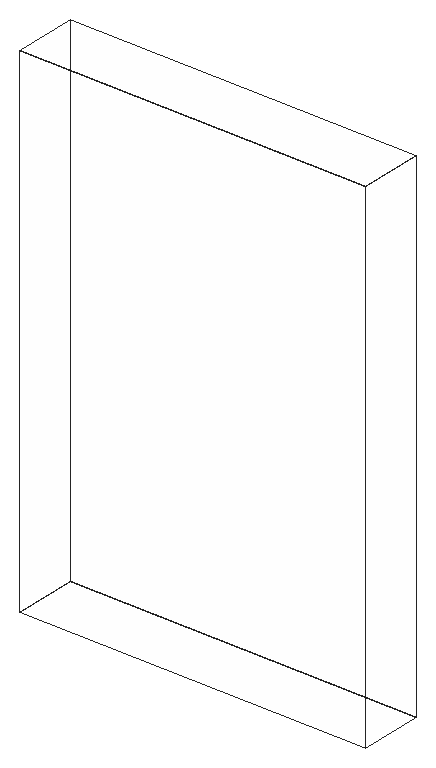
Revit family "199_Отверстие прямоугольное_(Об_Стена)", category Оборудование, Revit 2020
Family settings
  Основа = Стена
  Размер круглого соединителя = Использовать диаметр
  Тип детали = Нормальный
  Номер OmniClass = 23.30.20.00
  Заголовок OmniClass = Windows
  Всегда вертикально = Да
  При загрузке вырезать с полостями = Нет
  Общий = Нет
  Точка расчета площади = Да
Parameters (values of type "ОВ общее")
  системный_люк_привязка [instance] = if(or(Заполнение_Панель_Съемная, Наличник_Видимость), 0 mm, Заполнение_Толщина)  # 0 mm
  системный_заполнение_панель_положение2 [instance] = and(КП_А_Заполнение, Заполнение_Сторона размещения, Заполнение_Панель_Съемная)  # no
  системный_заполнение_панель_положение1 [instance] = and(КП_А_Заполнение, not(Заполнение_Сторона размещения), Заполнение_Панель_Съемная)  # no
  системный_заполнение_люк/решетка_положение2 [instance] = and(КП_А_Заполнение, Заполнение_Сторона размещения, [системный_заполнение_люк/решетка])  # no
  системный_заполнение_люк/решетка_положение1 [instance] = and(КП_А_Заполнение, not(Заполнение_Сторона размещения), [системный_заполнение_люк/решетка])  # no
  Ширина [instance] = 1000 mm
  Цветовое отображение = yes
  Цвет_Разрез = Заливка Цветная Прямоугольное Отверстие_Разрез : ОВ общее
  Цвет_План = Заливка Цветная Отверстие_План : ОВ общее
  Стена_Наружная_Толщина [instance] = 0 mm
  Стена_Внутренняя_Толщина [instance] = 0 mm
  Толщина [instance] = системный_основа_ширина + Стена_Наружная_Толщина + Стена_Внутренняя_Толщина  # 200 mm
  Створка 1_Ширина (для двустворчатого лючка) [instance] = 600 mm
  Панель съемная_Смещение вглубь = 10 mm  # constant formula
  Панель съемная_Зазоры = 10 mm  # constant formula
  Опорный уголок_Положение (вверх/вниз) [instance] = no
  Default Elevation = 0 mm
  Description = ""
  Наличник_Ширина [instance] = 50 mm
  Наличник_Видимость [instance] = yes
  КП_О_Версия семейства = "1.2"  # constant formula
  КП_О_Версия Revit = "2020"  # constant formula
  Заполнение_Панель_Тип [instance] = 175_ОбщВл_Панель съемная_(Дв) : 175_ОбщВл_Панель съемная_(Дв)
  Заполнение_Люк/Решетка_Тип [instance] = 175_ОбщВл_Лючок_(Дв) : Двупольный
  КП_О_Описание = ""
  КП_О_Марка = ""
  КП_О_URL техническое описание [instance] = "http://moodle/mod/book/view.php?id=503&chapterid=759"
  КП_А_Марка проема = ""
  КП_А_Заполнение_Тип [instance] = if(Заполнение_Панель_Съемная, Заполнение_Панель_Тип, [Заполнение_Люк/Решетка_Тип])  # 175_ОбщВл_Лючок_(Дв) : Двупольный
  КП_А_Заполнение [instance] = no
  Заполнение_Толщина [instance] = 20 mm
  Заполнение_Сторона размещения [instance] = no
  Комментарии к типоразмеру = "ОВ"
  Ключевая пометка = "Для плагина «Менеджер отверстий»"  # constant formula
  КП_Р_Ширина [instance] = Ширина + Расширение границ * 2  # 1100 mm
  КП_Р_Высота [instance] = Высота + Расширение границ * 2  # 1600 mm
  КП_А_Перемычка_Тип [instance] = 155_Перемычка_(ОбМод_Стена) : Линия
  КП_А_Перемычка_Опорный уголок_2 [instance] = no
  КП_А_Перемычка_Опорный уголок_1 [instance] = no
  КП_А_Перемычка_Заплечико_2 [instance] = 0 mm
  КП_А_Перемычка_Заплечико_1 [instance] = 0 mm
  КП_А_Перемычка [instance] = no
  КП_А_Марка перемычки [instance] = ""
  Manufacturer = ""
  Заполнение_Панель_Съемная [instance] = no
  системный_заполнение_люк/решетка [instance] = not(Заполнение_Панель_Съемная)  # yes
  Wall Closure = 1
  Группа модели = "Отверстие"  # constant formula
  Высота [instance] = 1500 mm
  системный_перемычка_offset_up [instance] = if(SYS_OFFSET_UP > 0 mm, SYS_OFFSET_UP - Расширение границ, 0 mm)  # 50 mm
  системный_перемычка_offset_down [instance] = Высота + Расширение границ + SYS_OFFSET_DOWN  # 1710 mm
  системный_основа_ширина [instance] = 200 mm
  SYS_OFFSET_UP [instance] = 100 mm
  SYS_OFFSET_DOWN [instance] = 160 mm
  Расширение границ [instance] = 50 mm
  00_Отметка_Относительная [instance] = ""
  00_Отметка_Абсолютная [instance] = ""
  00_Основа_Элемента [instance] = ""
Reference planes
  plane 1 "Центр (Вперед/Назад)": y = 0
  plane 2 "По центру (Влево/Вправо)": x = 0
  plane 3 "Влево": x = -500
  plane 4 "Вправо": x = 500
  plane 5 "Вниз": z = 700
  plane 6 "Вверх": z = 2200
  plane 7 "Назад": y = 100
  plane 8 "Вперед": y = -100
  plane 9 "Центр": z = 1450
  plane 10: z = 2300
  plane 11: z = 540
  plane 12: z = 650
  plane 13: z = 2250
  plane 14: x = -550
  plane 15: x = 550
  plane 16: y = 100
  plane 17: y = -100
  plane 18 "НА": y = 100
  plane 19 "ВН": y = -100
  plane 20 "Люк_НА": y = 100
  plane 21 "Люк_ВН": y = -100
  plane 22: y = -90
  plane 23: y = -70
  plane 24: x = -540
  plane 25: x = 540
  plane 26: y = 90
  plane 27: y = 70
Lines and regions (mm)
  Opening 1
    outline origin (3500, -100, 0) x (1, 0, 0) y (0, 0, 1)
      loop
        line (-2950, 650) -> (-2950, 2250) -> (-4050, 2250) -> (-4050, 650) -> (-2950, 650)
  model lines, style "InvisibleLines"
    curve 1: line (0, 0, 2300) -> (0, 0, 540)
  model lines, style "Отверстие_Контур", detail levels fine
    curve 2: line (550, -100, 2250) -> (-550, -100, 2250)
    curve 3: line (550, -100, 650) -> (550, -100, 2250)
    curve 4: line (-550, -100, 650) -> (550, -100, 650)
    curve 5: line (-550, -100, 2250) -> (-550, -100, 650)
    curve 6: line (550, 100, 2250) -> (-550, 100, 2250)
    curve 7: line (550, 100, 650) -> (550, 100, 2250)
    curve 8: line (-550, 100, 650) -> (550, 100, 650)
    curve 9: line (-550, 100, 2250) -> (-550, 100, 650)
Text (mm)
  text "НАРУЖНЫЙ" at (-1963.203, 1332.353, 0), in view "Опорный уровень"
  text "ВНУТРЕННИЙ" at (-1981.466, -818.386, 0), in view "Опорный уровень"
  text "Наружный" at (0, 923.751, 2943.296), in view "Справа"
  text "Наружный" at (0, 1040.484, 2685.409), in view "Слева"
Dimensions and locks
  equal spacing: plane 3 "Влево", plane 2 "По центру (Влево/Вправо)", plane 4 "Вправо"
  "Ширина": plane 3 "Влево" to plane 4 "Вправо"
  "Высота": plane 5 "Вниз" to plane 6 "Вверх"
  plane 5 "Вниз" to level = 700 mm
  locked: plane 7 "Назад" to host wall
  locked: plane 8 "Вперед" to host wall
  equal spacing: plane 5 "Вниз", plane 9 "Центр", plane 6 "Вверх"
  "SYS_OFFSET_DOWN": plane 11 to plane 5 "Вниз"
  "SYS_OFFSET_UP": plane 6 "Вверх" to plane 10
  "Расширение границ": plane 4 "Вправо" to plane 15
  "Расширение границ": plane 14 to plane 3 "Влево"
  "Расширение границ": plane 6 "Вверх" to plane 13
  "Расширение границ": plane 12 to plane 5 "Вниз"
  "Стена_Внутренняя_Толщина": plane 17 to plane 8 "Вперед"
  "Стена_Наружная_Толщина": plane 7 "Назад" to plane 16
  "системный_основа_ширина": host wall to host wall
  "Стена_Наружная_Толщина": plane 7 "Назад" to plane 18 "НА"
  "Стена_Внутренняя_Толщина": plane 19 "ВН" to plane 8 "Вперед"
  "системный_люк_привязка": plane 18 "НА" to plane 20 "Люк_НА"
  "системный_люк_привязка": plane 21 "Люк_ВН" to plane 19 "ВН"
  "Заполнение_Толщина": plane 23 to plane 22
  "Панель съемная_Смещение вглубь": plane 22 to plane 21 "Люк_ВН"
  "Панель съемная_Зазоры": plane 14 to plane 24
  "Панель съемная_Зазоры": plane 25 to plane 15
  "Заполнение_Толщина": plane 26 to plane 27
  "Панель съемная_Смещение вглубь": plane 20 "Люк_НА" to plane 26
  aligned and locked: nested 1 to plane 9 "Центр"
  aligned and locked: plane 2 "По центру (Влево/Вправо)" to nested 1
  aligned and locked: plane 10 to curve 1
  aligned and locked: curve 1 to plane 2 "По центру (Влево/Вправо)"
  aligned and locked: Opening 1 sketch curve to plane 15
  aligned and locked: Opening 1 sketch curve to plane 14
  aligned and locked: plane 13 to Opening 1 sketch curve
  aligned and locked: Opening 1 sketch curve to plane 12
  aligned and locked: nested 2 to plane 13
  aligned and locked: nested 2 to plane 2 "По центру (Влево/Вправо)"
  aligned and locked: nested 3 to plane 2 "По центру (Влево/Вправо)"
  aligned and locked: nested 4 to plane 9 "Центр"
  aligned and locked: nested 4 to plane 2 "По центру (Влево/Вправо)"
  aligned and locked: plane 2 "По центру (Влево/Вправо)" to nested 5
  aligned and locked: nested 5 to plane 9 "Центр"
  aligned and locked: plane 23 to nested 6
  aligned and locked: plane 22 to nested 6
  aligned and locked: nested 6 to plane 25
  aligned and locked: plane 24 to nested 6
  aligned and locked: plane 24 to nested 7
  aligned and locked: nested 7 to plane 25
  aligned and locked: nested 7 to plane 27
  aligned and locked: nested 7 to plane 26
  aligned and locked: plane 15 to nested 8
  aligned and locked: plane 14 to nested 8
  aligned and locked: nested 8 to host wall  (x2)
  aligned and locked: nested 8 to plane 13
  aligned and locked: nested 8 to plane 12
  aligned and locked: plane 13 to curve 6
  aligned and locked: plane 13 to curve 2
  aligned and locked: curve 8 to plane 12
  aligned and locked: curve 4 to plane 12
  aligned and locked: curve 7 to plane 15
  aligned and locked: curve 3 to plane 15
  aligned and locked: curve 9 to plane 14
  aligned and locked: curve 5 to plane 14
  aligned and locked: plane 20 "Люк_НА" to nested 3
Automatic sketch dimensions
  curve 1 to plane 11 = 0 mm
Nested families
  nested 1: "Заливка Цветная Прямоугольное Отверстие_Разрез" at (0, 100, 1450) x (-1, 0, 0) z (0, 1, 0), W <- "КП_Р_Высота", L <- "КП_Р_Ширина", type <- "Цвет_Разрез", visible <- "Цветовое отображение", type "ОВ общее"
    with W 1600 mm, L 1100 mm, AW 100 mm, AL 100 mm
  nested 2: "155_Перемычка_(ОбМод_Стена)" at (-125, 0, 250), visible <- "КП_А_Перемычка", Положение уголка вверх/вниз <- "Опорный уголок_Положение (вверх/вниз)", offset_down <- "системный_перемычка_offset_down", offset_up <- "системный_перемычка_offset_up", sys_opening_width <- "КП_Р_Ширина", type <- "КП_А_Перемычка_Тип", КП_О_Марка <- "КП_А_Марка перемычки", КП_А_Перемычка_Заплечико_1 <- "КП_А_Перемычка_Заплечико_1", КП_А_Перемычка_Заплечико_2 <- "КП_А_Перемычка_Заплечико_2", КП_А_Перемычка_Опорный уголок_1 <- "КП_А_Перемычка_Опорный уголок_1", КП_А_Перемычка_Опорный уголок_2 <- "КП_А_Перемычка_Опорный уголок_2", type "Линия"
    with Положение уголка вверх/вниз no, Отметка перемычки 2000 mm, КП_Р_Длина 1100 mm, КП_О_Марка "", КП_О_URL техническое описание "http://moodle/mod/book/view.php?id=503&chapterid=735", КП_А_Перемычка_Опорный уголок_2 no, КП_А_Перемычка_Опорный уголок_1 no, КП_А_Перемычка_Количество опорных уголков "0", КП_А_Перемычка_Заплечико_2 0 mm, КП_А_Перемычка_Заплечико_1 0 mm, sys_Г_direct_2 no, sys_Г_direct_1 no, sys_strip_snap 60 mm, sys_strip_amount 4, sys_opening_width_full 1100 mm, sys_opening_width 1100 mm, sys_offset_up 50 mm, sys_offset_down 1710 mm, sys_hole_lenght 2500 mm, sys_hole_hight 1 mm, sys_L_direct_2 no, sys_L_direct_1 no, offset_up 50 mm, offset_down 1710 mm
  nested 3: "Заливка Цветная Отверстие_План" at (0, 0, 0), W <- "Толщина", L <- "КП_Р_Ширина", type <- "Цвет_План", смещение вглубь <- "Панель съемная_Смещение вглубь", панель_зазоры <- "Панель съемная_Зазоры", системный_панель_толщина <- "Заполнение_Толщина", системный_панель_положение 1 <- "системный_заполнение_панель_положение1", системный_панель_положение 2 <- "системный_заполнение_панель_положение2", visible <- "Цветовое отображение", type "ОВ общее"
    with смещение вглубь 10 mm, системный_панель_толщина 20 mm, системный_панель_смещение 10 mm, системный_панель_положение 2 no, системный_панель_положение 1 no, системный_панель_зазор 10 mm, системный_панель_выключено yes, панель_зазоры 10 mm, W 200 mm, L 1100 mm
  nested 4: "175_ОбщВл_Лючок_(Дв)" at (0, -100, 1450) x (1, 0, 0) z (0, -1, 0), visible <- "системный_заполнение_люк/решетка_положение2", Height <- "КП_Р_Высота", Width <- "КП_Р_Ширина", type <- "КП_А_Заполнение_Тип", Створка1_Ширина <- "Створка 1_Ширина (для двустворчатого лючка)", Наличник_Ширина <- "Наличник_Ширина", Наличник_Видимость <- "Наличник_Видимость", Thickness <- "Заполнение_Толщина", 00_Основа_Элемента <- "00_Основа_Элемента", 00_Отметка_Абсолютная <- "00_Отметка_Абсолютная", 00_Отметка_Относительная <- "00_Отметка_Относительная", type "Двупольный"
    with системный_створка2_ширина 500 mm, системный_створка1_ширина 600 mm, built-in parameter 1001301 1100 mm, built-in parameter 1001302 20 mm, Створка1_Ширина 600 mm, built-in parameter 1001305 1200 mm, built-in parameter 1001304 1700 mm, Наличник_Ширина 50 mm, Наличник_Видимость yes, built-in parameter 1001300 1600 mm, 00_Отметка_Относительная "", 00_Отметка_Абсолютная "", 00_Основа_Элемента ""
  nested 5: "175_ОбщВл_Лючок_(Дв)" at (0, 100, 1450) x (-1, 0, 0) z (0, 1, 0), Height <- "КП_Р_Высота", Width <- "КП_Р_Ширина", type <- "КП_А_Заполнение_Тип", visible <- "системный_заполнение_люк/решетка_положение1", Створка1_Ширина <- "Створка 1_Ширина (для двустворчатого лючка)", Наличник_Ширина <- "Наличник_Ширина", Наличник_Видимость <- "Наличник_Видимость", Thickness <- "Заполнение_Толщина", 00_Основа_Элемента <- "00_Основа_Элемента", 00_Отметка_Абсолютная <- "00_Отметка_Абсолютная", 00_Отметка_Относительная <- "00_Отметка_Относительная", type "Двупольный"
    with системный_створка2_ширина 500 mm, системный_створка1_ширина 600 mm, built-in parameter 1001301 1100 mm, built-in parameter 1001302 20 mm, Створка1_Ширина 600 mm, built-in parameter 1001305 1200 mm, built-in parameter 1001304 1700 mm, Наличник_Ширина 50 mm, Наличник_Видимость yes, built-in parameter 1001300 1600 mm, 00_Отметка_Относительная "", 00_Отметка_Абсолютная "", 00_Основа_Элемента ""
  nested 6: "Панель УГО" at (0, -80, 0), visible <- "системный_заполнение_панель_положение2", type "Белый", detail levels fine
    with W 20 mm, L 1080 mm
  nested 7: "Панель УГО" at (0, 80, 0), visible <- "системный_заполнение_панель_положение1", type "Белый", detail levels fine
    with W 20 mm, L 1080 mm
  nested 8: "001_Отверсие_Контур_Прямоуг_(ОбМод)" at (0, 0, 1450), type "Тип 1"
    with ОК_Ширина 1100 mm, ОК_Глубина 200 mm, ОК_Высота 1600 mm
Definition of nested family "175_ОбщВл_Лючок_(Дв)"
  Parameters (values of type "Однопольный")
    системный_створка2_ширина [instance] = Width - системный_створка1_ширина  # 700 mm
    системный_створка1_ширина [instance] = if(or(Створка1_Ширина > Width, Створка1_Ширина = 0 mm, Створка1_Ширина = Width), Width / 2, Створка1_Ширина)  # 300 mm
    системный_открывание_распашное_левое_180 = no
    системный_открывание_правое = and(Лючок_Однопольный, [Открывание_Правое (для однопольного)])  # no
    системный_открывание_левое = and(Лючок_Однопольный, [Открывание_Левое (для однопольного)])  # yes
    Width [instance] = 1000 mm
    Thickness [instance] = 20 mm
    Створка1_Ширина [instance] = 300 mm
    Rough Width [instance] = Width + Наличник_Ширина * 2  # 1100 mm
    Rough Height [instance] = Height + Наличник_Ширина * 2  # 1100 mm
    Полотно_Ширина = 900 mm
    Default Elevation = 1219.2 mm
    Открывание_Правое (для однопольного) = not([Открывание_Левое (для однопольного)])  # no
    Открывание_Левое (для однопольного) = yes
    Define Thermal Properties by = 1
    Наличник_Ширина [instance] = 50 mm
    Наличник_Видимость [instance] = yes
    Материал = none
    Лючок_Однопольный = yes
    Лючок_Двупольный = not(Лючок_Однопольный)  # no
    КП_О_Описание = ""
    КП_О_Марка = ""
    КП_А_Марка проема = ""
    Height [instance] = 1000 mm
    Analytic Construction = "<Нет>"
    00_Отметка_Относительная [instance] = ""
    00_Отметка_Абсолютная [instance] = ""
    00_Основа_Элемента [instance] = ""
  Types (2, lengths in mm): name | системный_открывание_левое | Лючок_Однопольный | Лючок_Двупольный
    Двупольный | no | no | yes
    Однопольный | yes | yes | no
  Reference planes
    plane 1 "По центру (Вперед/Назад)": y = 0
    plane 2: z = 0
    plane 3 "По центру (Влево/Вправо)": x = 0
    plane 4: x = -500
    plane 5: x = 500
    plane 6: y = -500
    plane 7: y = 500
    plane 8: y = 550
    plane 9: y = -550
    plane 10: x = 550
    plane 11: x = -550
    plane 12: x = -200
    plane 13 "Толщина": z = 20
  Forms (mm)
    Extrusion 1, solid
      sketch origin (0, 0, 0) x (1, 0, 0) y (0, 1, 0)
        loop
          line (-1219.2, 1219.2) -> (-1219.2, -1219.2) -> (1219.2, -1219.2) -> (1219.2, 1219.2) -> (-1219.2, 1219.2)
      from 0 to -304.8
    Extrusion 2, solid, material <- "Материал", visible <- "Наличник_Видимость"
      sketch origin (0, 0, 0) x (1, 0, 0) y (0, 1, 0)
        loop
          line (-550, 550) -> (-550, -550) -> (550, -550) -> (550, 550) -> (-550, 550)
        loop
          line (-500, 500) -> (-500, -500) -> (500, -500) -> (500, 500) -> (-500, 500)
      from 0 to 20 <- "Thickness"
    Extrusion 3, solid, material <- "Материал", visible <- "Лючок_Двупольный"
      sketch origin (0, 0, 0) x (1, 0, 0) y (0, 1, 0)
        loop
          line (-500, 500) -> (-500, -500) -> (-200, -500) -> (-200, 500) -> (-500, 500)
      from 0 to 20 <- "Thickness"
    Extrusion 4, solid, material <- "Материал", visible <- "Лючок_Двупольный"
      sketch origin (0, 0, 0) x (1, 0, 0) y (0, 1, 0)
        loop
          line (-200, 500) -> (-200, -500) -> (500, -500) -> (500, 500) -> (-200, 500)
      from 0 to 20 <- "Thickness"
    Extrusion 5, solid, material <- "Материал", visible <- "Лючок_Однопольный"
      sketch origin (0, 0, 0) x (1, 0, 0) y (0, 1, 0)
        loop
          line (-500, 500) -> (-500, -500) -> (500, -500) -> (500, 500) -> (-500, 500)
      from 0 to 20 <- "Thickness"
    Extrusion 6, solid, visible <- "Лючок_Однопольный"
      sketch origin (0, 0, 0) x (1, 0, 0) y (0, 0, 1)
        loop
          line (500, 1020) -> (-500, 1020) -> (-500, 20) -> (500, 20) -> (500, 1020)
      from -500 to 500
    Extrusion 7, solid, visible <- "Лючок_Двупольный"
      sketch origin (-1241.96, 0, 688.43) x (1, 0, 0) y (0, 0, 1)
        loop
          line (1041.96, -368.43) -> (741.96, -368.43) -> (741.96, -668.43) -> (1041.96, -668.43) -> (1041.96, -368.43)
      from -500 to 500
    Extrusion 8, solid, visible <- "Лючок_Двупольный"
      sketch origin (1302.894, 0, 782.858) x (1, 0, 0) y (0, 0, 1)
        loop
          line (-802.894, -62.858) -> (-1502.894, -62.858) -> (-1502.894, -762.858) -> (-802.894, -762.858) -> (-802.894, -62.858)
      from -500 to 500
  Lines and regions (mm)
    model lines, visible <- "Лючок_Двупольный"
      curve 1: line (-500, 500, 20) -> (-200, 0, 20)
      curve 2: line (-200, 0, 20) -> (-500, -500, 20)
      curve 3: line (500, 500, 20) -> (-200, 0, 20)
      curve 4: line (-200, 0, 20) -> (500, -500, 20)
    model lines, visible <- "системный_открывание_правое"
      curve 5: line (500, 500, 20) -> (-500, 0, 20)
      curve 6: line (-500, 0, 20) -> (500, -500, 20)
    model lines, visible <- "системный_открывание_левое"
      curve 7: line (-500, 500, 20) -> (500, 0, 20)
      curve 8: line (500, 0, 20) -> (-500, -500, 20)
  Dimensions and locks
    equal spacing: plane 4, plane 3 "По центру (Влево/Вправо)", plane 5
    "Width": plane 4 to plane 5
    "Наличник_Ширина": plane 11 to plane 4
    "Наличник_Ширина": plane 5 to plane 10
    equal spacing: plane 7, plane 1 "По центру (Вперед/Назад)", plane 6
    "Height": plane 7 to plane 6
    "Наличник_Ширина": plane 7 to plane 8
    "Наличник_Ширина": plane 9 to plane 6
    "системный_створка1_ширина": plane 4 to plane 12
    "Thickness": plane 13 "Толщина" to level
    plane 5 to plane 12 to plane 4 = 700 mm, 300 mm
    "Width": Extrusion 6 sketch curve to Extrusion 2
    "системный_створка1_ширина": Extrusion 7 sketch curve to Extrusion 3
    "системный_створка2_ширина": Extrusion 8 sketch curve to Extrusion 4
    aligned and locked: plane 2 to Extrusion 1
    aligned and locked: level to Extrusion 1
    aligned and locked: Extrusion 2 sketch curve to plane 7
    aligned and locked: plane 8 to Extrusion 2 sketch curve
    aligned and locked: Extrusion 2 sketch curve to plane 5
    aligned and locked: Extrusion 2 sketch curve to plane 10
    aligned and locked: plane 4 to Extrusion 2 sketch curve
    aligned and locked: Extrusion 2 sketch curve to plane 11
    aligned and locked: Extrusion 2 sketch curve to plane 6
    aligned and locked: plane 9 to Extrusion 2 sketch curve
    aligned and locked: Extrusion 3 sketch curve to plane 7
    aligned and locked: Extrusion 3 sketch curve to plane 6
    aligned and locked: Extrusion 3 sketch curve to plane 12
    aligned and locked: plane 4 to Extrusion 3 sketch curve
    aligned and locked: Extrusion 4 sketch curve to plane 7
    aligned and locked: plane 12 to Extrusion 4 sketch curve
    aligned and locked: Extrusion 4 sketch curve to plane 6
    aligned and locked: Extrusion 4 sketch curve to plane 5
    aligned and locked: Extrusion 5 sketch curve to plane 7
    aligned and locked: Extrusion 5 sketch curve to plane 5
    aligned and locked: Extrusion 5 sketch curve to plane 6
    aligned and locked: plane 4 to Extrusion 5 sketch curve
    aligned and locked: nested 1 to plane 3 "По центру (Влево/Вправо)"
    aligned and locked: level to nested 1
    aligned and locked: nested 2 to plane 3 "По центру (Влево/Вправо)"
    aligned and locked: level to nested 2
    aligned and locked: Extrusion 6 sketch curve to plane 4
    aligned and locked: plane 5 to Extrusion 6 sketch curve
    aligned and locked: Extrusion 6 sketch curve to plane 13 "Толщина"
    aligned and locked: plane 7 to Extrusion 6
    aligned and locked: plane 6 to Extrusion 6
    aligned and locked: Extrusion 7 to plane 13 "Толщина"
    aligned and locked: Extrusion 8 to plane 13 "Толщина"
    aligned and locked: plane 7 to Extrusion 7
    aligned and locked: plane 6 to Extrusion 7
    aligned and locked: plane 6 to Extrusion 8
    aligned and locked: plane 7 to Extrusion 8
    aligned and locked: Extrusion 8 to plane 12
    aligned and locked: plane 5 to Extrusion 8
    aligned and locked: plane 12 to Extrusion 7
    aligned and locked: Extrusion 7 to plane 4
  Automatic sketch dimensions
    Extrusion 1 sketch curve to Extrusion 1 sketch curve = 2438.4 mm  (x2)
    curve 5 to plane 5 = 0 mm
    plane 1 "По центру (Вперед/Назад)" to curve 7 = 0 mm
    curve 7 to plane 5 = 0 mm
    curve 6 to plane 5 = 0 mm
    plane 1 "По центру (Вперед/Назад)" to curve 4 = 0 mm
    curve 4 to plane 12 = 0 mm
    curve 1 to plane 4 = 0 mm
    curve 2 to plane 4 = 0 mm
    plane 1 "По центру (Вперед/Назад)" to curve 6 = 0 mm
    curve 6 to plane 4 = 0 mm
    curve 1 to plane 7 = 0 mm
    curve 5 to plane 7 = 0 mm
    plane 6 to curve 4 = 0 mm
    plane 6 to curve 2 = 0 mm
    Extrusion 7 sketch curve to plane 4 = 0 mm
    Extrusion 7 sketch curve to plane 12 = 0 mm
    Extrusion 7 sketch curve to plane 13 "Толщина" = 0 mm
    Extrusion 8 sketch curve to plane 12 = 0 mm
    Extrusion 8 sketch curve to plane 5 = 0 mm
    Extrusion 8 sketch curve to plane 13 "Толщина" = 0 mm
  Nested families
    nested 1: "Лючок двупольный УГО" at (0, 0, 0) x (-1, 0, 0) z (0, -1, 0), Наличник_Ширина <- "Наличник_Ширина", Ширина <- "Width", Толщина <- "Thickness", Створка 1_Ширина <- "системный_створка1_ширина", Открывание_Левое <- "Открывание_Правое (для однопольного)", Открывание_Правое <- "Открывание_Левое (для однопольного)", visible <- "Лючок_Однопольный", системный_наличник_видимость <- "Наличник_Видимость", type "Лючок однопольный УГО"
      with системный_открывание_правое yes, системный_открывание_левое no, системный_наличник_видимость yes, Ширина 1000 mm, Толщина 20 mm, Створка 2_Ширина 700 mm, Створка 1_Ширина 300 mm, Открывание_Правое yes, Открывание_Левое no, Наличник_Ширина 50 mm
    nested 2: "Лючок двупольный УГО" at (0, 0, 0) x (-1, 0, 0) z (0, -1, 0), Наличник_Ширина <- "Наличник_Ширина", Ширина <- "Width", Толщина <- "Thickness", Створка 1_Ширина <- "системный_створка1_ширина", Открывание_Левое <- "системный_открывание_левое", Открывание_Правое <- "системный_открывание_правое", visible <- "Лючок_Двупольный", системный_наличник_видимость <- "Наличник_Видимость", type "Лючок двупольный УГО"
      with системный_открывание_правое no, системный_открывание_левое no, системный_наличник_видимость yes, Ширина 1000 mm, Толщина 20 mm, Створка 2_Ширина 700 mm, Створка 1_Ширина 300 mm, Открывание_Правое no, Открывание_Левое yes, Наличник_Ширина 50 mm
  Definition of nested family "Лючок двупольный УГО"
    Parameters (values of type "Лючок двупольный УГО")
      системный_открывание_правое [instance] = and(Однопольный, Открывание_Правое, not(Открывание_Левое))  # no
      системный_открывание_левое [instance] = and(Однопольный, Открывание_Левое, not(Открывание_Правое))  # no
      системный_наличник_видимость [instance] = yes
      Ширина [instance] = 1500 mm
      Толщина [instance] = 40 mm
      Створка 2_Ширина [instance] = Ширина - Створка 1_Ширина  # 440 mm
      Створка 1_Ширина [instance] = 1060 mm
      Открывание_Правое [instance] = no
      Открывание_Левое [instance] = no
      Однопольный = not(Двупольный)  # no
      Наличник_Ширина [instance] = 40 mm
      Двупольный = yes
    Types (2, lengths in mm): name | Однопольный | Двупольный
      Лючок двупольный УГО | no | yes
      Лючок однопольный УГО | yes | no
    Reference planes
      plane 1 "По центру (Вперед/Назад)": y = 0
      plane 2: z = 0
      plane 3 "По центру (Влево/Вправо)": x = 0
      plane 4: y = -40
      plane 5: x = -750
      plane 6: x = 750
      plane 7: x = -310
      plane 8: x = 790
      plane 9: x = -790
    Lines and regions (mm)
      detail lines, in view "Опорный уровень"
        curve 1: line (-750, 0, 0) -> (-310, 0, 0)
        curve 2: line (-750, -40, 0) -> (-750, 0, 0)
        curve 3: line (-310, -40, 0) -> (-750, -40, 0)
        curve 4: line (-310, 0, 0) -> (-310, -40, 0)
        curve 5: line (750, 0, 0) -> (-310, 0, 0)
        curve 6: line (750, -40, 0) -> (750, 0, 0)
        curve 7: line (-310, -40, 0) -> (750, -40, 0)
      detail lines, in view "Опорный уровень", visible <- "Двупольный"
        curve 8: line (-750, -40, 0) -> (-368.949, -260, 0)
        curve 9: line (750, -40, 0) -> (-167.987, -570, 0)
        curve 10: arc (-368.949, -260, 0) -> (-324.993, -153.88, 0) -> (-310, -40, 0) r 440
        curve 11: arc (-167.987, -570, 0) -> (-273.881, -314.348, 0) -> (-310, -40, 0) r 1060
      detail lines, in view "Опорный уровень", visible <- "системный_наличник_видимость"
        curve 12: line (-750, -40, 0) -> (-790, -40, 0)
        curve 13: line (-790, -40, 0) -> (-790, 0, 0)
        curve 14: line (-790, 0, 0) -> (-750, 0, 0)
        curve 15: line (750, -40, 0) -> (790, -40, 0)
        curve 16: line (790, -40, 0) -> (790, 0, 0)
        curve 17: line (790, 0, 0) -> (750, 0, 0)
      detail lines, in view "Опорный уровень", visible <- "системный_открывание_левое"
        curve 18: line (-750, -40, 0) -> (549.038, -790, 0)
        curve 20: arc (549.038, -790, 0) -> (698.889, -428.229, 0) -> (750, -40, 0) r 1500
      detail lines, in view "Опорный уровень", visible <- "системный_открывание_правое"
        curve 19: line (750, -40, 0) -> (-549.038, -790, 0)
        curve 21: arc (-549.038, -790, 0) -> (-698.889, -428.229, 0) -> (-750, -40, 0) r 1500
    Dimensions and locks
      equal spacing: plane 5, plane 3 "По центру (Влево/Вправо)", plane 6
      "Ширина": plane 5 to plane 6
      "Толщина": plane 4 to plane 1 "По центру (Вперед/Назад)"
      "Створка 2_Ширина": plane 5 to plane 7
      "Створка 2_Ширина": curve 8 to curve 8
      "Створка 1_Ширина": curve 9 to curve 9
      "Наличник_Ширина": plane 9 to plane 5
      "Наличник_Ширина": plane 6 to plane 8
      "Ширина": curve 18 to curve 18
      "Ширина": curve 19 to curve 19
      locked: curve 8 to plane 4 (angle 30.00°)
      locked: plane 4 to curve 9 (angle 30.00°)
      angle plane 4 to curve 19 = 30.00°
      angle curve 18 to plane 4 = 30.00°
      aligned and locked: curve 4 to plane 7
      aligned and locked: curve 7 to plane 4
      aligned and locked: plane 1 "По центру (Вперед/Назад)" to curve 5
      aligned and locked: plane 1 "По центру (Вперед/Назад)" to curve 6
      aligned and locked: plane 1 "По центру (Вперед/Назад)" to curve 2
      aligned and locked: plane 4 to curve 8
      aligned and locked: plane 1 "По центру (Вперед/Назад)" to curve 14
      aligned and locked: plane 5 to curve 14
      aligned and locked: plane 9 to curve 13
      aligned and locked: curve 17 to plane 1 "По центру (Вперед/Назад)"
      aligned and locked: plane 6 to curve 17
      aligned and locked: curve 15 to plane 4
      aligned and locked: plane 6 to curve 15
      aligned and locked: plane 8 to curve 16
      aligned and locked: plane 5 to curve 18
Definition of nested family "001_Отверсие_Контур_Прямоуг_(ОбМод)"
  Parameters (values of type "Тип 1")
    Default Elevation = 1219.2 mm
    ОК_Ширина [instance] = 787.163 mm
    ОК_Материал = none
    ОК_Глубина [instance] = 787.163 mm
    ОК_Высота [instance] = 840 mm
  Reference planes
    plane 1 "По центру (Вперед/Назад)": y = 0
    plane 2: z = 0
    plane 3 "По центру (Влево/Вправо)": x = 0
    plane 4: x = -393.582
    plane 5: x = 393.582
    plane 6: y = -393.582
    plane 7: y = 393.582
    plane 8: z = 420
    plane 9: z = -420
  Forms (mm)
    Extrusion 1, solid, material <- "ОК_Материал"
      sketch origin (0, 0, 0) x (1, 0, 0) y (0, 1, 0)
        loop
          line (-393.582, 393.582) -> (-393.582, -393.582) -> (393.582, -393.582) -> (393.582, 393.582) -> (-393.582, 393.582)
      from -420 to 420
  Dimensions and locks
    equal spacing: plane 4, plane 3 "По центру (Влево/Вправо)", plane 5
    "ОК_Ширина": plane 4 to plane 5
    equal spacing: plane 6, plane 1 "По центру (Вперед/Назад)", plane 7
    "ОК_Глубина": plane 7 to plane 6
    equal spacing: plane 8, level, plane 9
    "ОК_Высота": plane 8 to plane 9
    aligned and locked: level to plane 2
    aligned and locked: plane 7 to Extrusion 1 sketch curve
    aligned and locked: plane 4 to Extrusion 1 sketch curve
    aligned and locked: plane 6 to Extrusion 1 sketch curve
    aligned and locked: plane 5 to Extrusion 1 sketch curve
    aligned and locked: plane 8 to Extrusion 1
    aligned and locked: Extrusion 1 to plane 9
Definition of nested family "Заливка Цветная Прямоугольное Отверстие_Разрез"
  Parameters (values of type "ОВ общее")
    Черный = yes
    Синий = no
    Оранжевый = no
    Красный = no
    Зеленый = no
    Желтый = no
    Серый = no
    Желто-зеленый = yes
    L [instance] = 400 mm
    W [instance] = 200 mm
    AW [instance] = if(and(L > 500 mm, W > 500 mm), 100 mm, 50 mm)  # 50 mm
    AL [instance] = if(and(L > 500 mm, W > 500 mm), 100 mm, 50 mm)  # 50 mm
  Types (6, lengths in mm): name | Черный | Синий | Оранжевый | Красный | Желтый | Серый | Желто-зеленый
    ОВ общее | yes | no | no | no | no | no | yes
    ВК | no | yes | no | no | no | no | no
    СС | no | no | yes | no | no | no | no
    ОВ | no | no | no | no | yes | no | no
    ЭОМ | no | no | no | yes | no | no | no
    Общая | no | no | no | no | no | yes | no
  Reference planes
    plane 1 "По центру (Вперед/Назад)": y = 0
    plane 2: z = 0
    plane 3 "По центру (Влево/Вправо)": x = 0
    plane 4: x = 200
    plane 5: x = -200
    plane 6: y = 100
    plane 7: y = -100
    plane 8: y = 50
    plane 9: x = -150
  Lines and regions (mm)
    Filled region 1, type "Черный", in view "Опорный уровень", visible <- "Черный", detail levels coarse
      outline origin (0, 0, 0) x (1, 0, 0) y (0, 1, 0)
        loop
          line (-200, 100) -> (-200, -100) -> (-150, 50) -> (200, 100) -> (-200, 100)
    Filled region 2, type "Серый", in view "Опорный уровень", visible <- "Серый", detail levels coarse
      outline origin (0, 0, 0) x (1, 0, 0) y (0, 1, 0)
        loop
          line (-200, 100) -> (-200, -100) -> (-150, 50) -> (200, 100) -> (-200, 100)
    Filled region 3, type "Желтый", in view "Опорный уровень", visible <- "Желтый", detail levels coarse
      outline origin (0, 0, 0) x (1, 0, 0) y (0, 1, 0)
        loop
          line (-200, 100) -> (-200, -100) -> (-150, 50) -> (200, 100) -> (-200, 100)
    Filled region 4, type "Зеленый", in view "Опорный уровень", visible <- "Зеленый", detail levels coarse
      outline origin (0, 0, 0) x (1, 0, 0) y (0, 1, 0)
        loop
          line (-200, 100) -> (-200, -100) -> (-150, 50) -> (200, 100) -> (-200, 100)
    Filled region 5, type "Красный", in view "Опорный уровень", visible <- "Красный", detail levels coarse
      outline origin (0, 0, 0) x (1, 0, 0) y (0, 1, 0)
        loop
          line (-200, 100) -> (-200, -100) -> (-150, 50) -> (200, 100) -> (-200, 100)
    Filled region 6, type "Оранжевый", in view "Опорный уровень", visible <- "Оранжевый", detail levels coarse
      outline origin (0, 0, 0) x (1, 0, 0) y (0, 1, 0)
        loop
          line (-200, 100) -> (-200, -100) -> (-150, 50) -> (200, 100) -> (-200, 100)
    Filled region 7, type "Синий", in view "Опорный уровень", visible <- "Синий", detail levels coarse
      outline origin (0, 0, 0) x (1, 0, 0) y (0, 1, 0)
        loop
          line (-200, 100) -> (-200, -100) -> (-150, 50) -> (200, 100) -> (-200, 100)
    Filled region 8, type "Черный", in view "Опорный уровень", detail levels medium+fine
      outline origin (0, 0, 0) x (1, 0, 0) y (0, 1, 0)
        loop
          line (-200, 100) -> (-200, -100) -> (-150, 50) -> (200, 100) -> (-200, 100)
    Filled region 9, type "Желто-зеленый", in view "Опорный уровень", visible <- "Желто-зеленый", detail levels coarse
      outline origin (0, 0, 0) x (1, 0, 0) y (0, 1, 0)
        loop
          line (-200, 100) -> (-200, -100) -> (-150, 50) -> (200, 100) -> (-200, 100)
  Dimensions and locks
    equal spacing: plane 5, plane 3 "По центру (Влево/Вправо)", plane 4
    equal spacing: plane 6, plane 1 "По центру (Вперед/Назад)", plane 7
    "W": plane 6 to plane 7
    "L": plane 5 to plane 4
    plane 5 to plane 3 "По центру (Влево/Вправо)" = 200 mm
    "AL": plane 5 to plane 9
    "AW": plane 6 to plane 8
    aligned and locked: plane 5 to Filled region 1 sketch curve
    aligned and locked: plane 6 to Filled region 1 sketch curve
    aligned and locked: plane 6 to Filled region 8
    aligned and locked: plane 5 to Filled region 8
    aligned and locked: plane 8 to Filled region 8 sketch curve
    aligned and locked: plane 9 to Filled region 8 sketch curve
    aligned and locked: plane 6 to Filled region 9
    aligned and locked: plane 5 to Filled region 9
    aligned and locked: plane 8 to Filled region 9 sketch curve
    aligned and locked: plane 9 to Filled region 9 sketch curve
  Automatic sketch dimensions
    Filled region 2 sketch curve to plane 5 = 0 mm
    Filled region 2 sketch curve to plane 4 = 0 mm
    Filled region 2 sketch curve to plane 6 = 0 mm
    Filled region 3 sketch curve to plane 5 = 0 mm
    Filled region 3 sketch curve to plane 4 = 0 mm
    Filled region 3 sketch curve to plane 6 = 0 mm
    Filled region 4 sketch curve to plane 5 = 0 mm
    Filled region 4 sketch curve to plane 4 = 0 mm
    Filled region 4 sketch curve to plane 6 = 0 mm
    Filled region 5 sketch curve to plane 5 = 0 mm
    Filled region 5 sketch curve to plane 4 = 0 mm
    Filled region 5 sketch curve to plane 6 = 0 mm
    Filled region 6 sketch curve to plane 5 = 0 mm
    Filled region 6 sketch curve to plane 4 = 0 mm
    Filled region 6 sketch curve to plane 6 = 0 mm
    Filled region 7 sketch curve to plane 5 = 0 mm
    Filled region 7 sketch curve to plane 4 = 0 mm
    Filled region 7 sketch curve to plane 6 = 0 mm
    Filled region 7 sketch curve to plane 8 = 0 mm
    Filled region 7 sketch curve to plane 9 = 0 mm
    Filled region 7 sketch curve to plane 7 = 0 mm
    Filled region 6 sketch curve to plane 8 = 0 mm
    Filled region 6 sketch curve to plane 9 = 0 mm
    Filled region 6 sketch curve to plane 7 = 0 mm
    Filled region 5 sketch curve to plane 8 = 0 mm
    Filled region 5 sketch curve to plane 9 = 0 mm
    Filled region 5 sketch curve to plane 7 = 0 mm
    Filled region 4 sketch curve to plane 8 = 0 mm
    Filled region 4 sketch curve to plane 9 = 0 mm
    Filled region 4 sketch curve to plane 7 = 0 mm
    Filled region 3 sketch curve to plane 8 = 0 mm
    Filled region 3 sketch curve to plane 9 = 0 mm
    Filled region 3 sketch curve to plane 7 = 0 mm
    Filled region 2 sketch curve to plane 8 = 0 mm
    Filled region 2 sketch curve to plane 9 = 0 mm
    Filled region 2 sketch curve to plane 7 = 0 mm
    Filled region 1 sketch curve to plane 8 = 0 mm
    Filled region 1 sketch curve to plane 9 = 0 mm
    Filled region 1 sketch curve to plane 4 = 0 mm
    Filled region 1 sketch curve to plane 7 = 0 mm
    Filled region 8 sketch curve to plane 5 = 0 mm
    Filled region 8 sketch curve to plane 4 = 0 mm
    Filled region 8 sketch curve to plane 7 = 0 mm
    Filled region 8 sketch curve to plane 6 = 0 mm
    Filled region 9 sketch curve to plane 5 = 0 mm
    Filled region 9 sketch curve to plane 4 = 0 mm
    Filled region 9 sketch curve to plane 7 = 0 mm
    Filled region 9 sketch curve to plane 6 = 0 mm
Definition of nested family "155_Перемычка_(ОбМод_Стена)"
  Parameters (values of type "2 L")
    Ширина стальных полос = 80 mm
    Швеллер = no
    Шаг стальных полос = 300 mm
    Тип швеллера = 156_Швеллер : Швеллер 80х40
    Тип стальных полос = 156_Полоса стальная : 80X5
    Тип основных уголков = 156_Уголок : L75X5 равнополочный
    Тип опорных уголков = 156_Уголок : L75X5 равнополочный
    Тип бруска = 156_Брусок : 156_Брусок
    Тип арматуры = 156_Арматура : d14
    Стальные полосы = yes
    Проем_Высота (под брусок) = 220 mm
    Default Elevation = 0 mm  # constant formula
    Отметка перемычки [instance] = 2000 mm
    КП_Р_Длина [instance] = sys_opening_width + КП_А_Перемычка_Заплечико_1 + КП_А_Перемычка_Заплечико_2  # 2000 mm
    КП_О_URL техническое описание [instance] = "http://moodle/mod/book/view.php?id=503&chapterid=735"
    КП_А_Перемычка_Опорный уголок_2 [instance] = no
    КП_А_Перемычка_Опорный уголок_1 [instance] = no
    КП_А_Перемычка_Количество опорных уголков [instance] = if(and(КП_А_Перемычка_Опорный уголок_1, КП_А_Перемычка_Опорный уголок_2), "2", if(or(КП_А_Перемычка_Опорный уголок_1, КП_А_Перемычка_Опорный уголок_2), "1", "0"))  # "0"
    КП_А_Перемычка_Заплечико_2 [instance] = 0 mm
    КП_А_Перемычка_Заплечико_1 [instance] = 0 mm
    Model = "Перемычка"  # constant formula
    Брусок = no
    sys_Г_direct_2 [instance] = and(КП_А_Перемычка_Опорный уголок_2, not(sys_L_direct_2))  # no
    sys_Г_direct_1 [instance] = and(КП_А_Перемычка_Опорный уголок_1, not(sys_L_direct_1))  # no
    sys_opening_width_full [instance] = sys_opening_width + КП_А_Перемычка_Заплечико_1 + КП_А_Перемычка_Заплечико_2  # 2000 mm
    sys_offset_up [instance] = if(offset_up > 0 mm, offset_up, 1 mm)  # 50 mm
    sys_offset_down [instance] = if(offset_down > 0 mm, offset_down, 1 mm)  # 2000 mm
    sys_L_direct_2 [instance] = and([Положение уголка вверх/вниз], КП_А_Перемычка_Опорный уголок_2)  # no
    sys_L_direct_1 [instance] = and([Положение уголка вверх/вниз], КП_А_Перемычка_Опорный уголок_1)  # no
    Положение уголка вверх/вниз [instance] = no
    КП_О_Марка [instance] = ""
    Арматура = no
    sys_wall_width [instance] = 200 mm
    sys_strip_snap [instance] = if(sys_opening_width_full < Ширина стальных полос + Шаг стальных полос, 0 mm, (sys_opening_width_full - Шаг стальных полос * (sys_strip_amount - 1) - Ширина стальных полос) / 2)  # 60 mm
    sys_strip_amount [instance] = if(sys_opening_width_full < Ширина стальных полос + Шаг стальных полос, 2, if(((sys_opening_width_full - Ширина стальных полос) / Шаг стальных полос) - round((sys_opening_width_full - Ширина стальных полос) / Шаг стальных полос) < 0, (sys_opening_width_full - Ширина стальных полос) / Шаг стальных полос, (sys_opening_width_full - Ширина стальных полос) / Шаг стальных полос + 1))  # 7
    sys_hole_lenght [instance] = if(sys_opening_width < 1010 mm, 1500 mm, if(sys_opening_width < 1920 mm, 2500 mm, 3000 mm))  # 3000 mm
    sys_hole_hight [instance] = if(Брусок, [Проем_Высота (под брусок)], 1 mm)  # 1 mm
    offset_up [instance] = 50 mm
    offset_down [instance] = 2000 mm
    sys_opening_width [instance] = 2000 mm
    3 стержня [instance] = and(not(sys_wall_width < 200 mm), Арматура)  # no
    2 L = yes
    1 L = yes
  Types (6, lengths in mm): name | Швеллер | Стальные полосы | Брусок | Арматура | sys_hole_hight | 3 стержня | 2 L | 1 L
    Линия | no | no | no | no | 1 | no | no | no
    Брусок | no | no | yes | no | 220 | no | no | no
    1 L | no | no | no | no | 1 | no | no | yes
    2 L | no | yes | no | no | 1 | no | yes | yes
    Арматура | no | no | no | yes | 1 | yes | no | no
    Швеллер | yes | no | no | no | 1 | no | no | no
  Reference planes
    plane 1 "Стена": y = 0
    plane 2 "По центру (Влево/Вправо)": x = 125
    plane 3 "Сзади": y = 100
    plane 4 "Опорная плоскость": z = 2000
    plane 5: x = -875
    plane 6: x = -875
    plane 7: x = 1125
    plane 8: x = 1125
    plane 9: y = 100
    plane 10: y = -100
    plane 11: z = 2001
    plane 12: x = -815
    plane 13: x = 1065
    plane 14: y = 70
    plane 15: y = -70
    plane 16: z = 0
    plane 17: z = 2050
    plane 18: x = 1065
    plane 19: x = -815
  Lines and regions (mm)
    symbolic lines, detail levels medium+fine
      curve 1: line (-875, 0, 2000) -> (1125, 0, 2000)
    model lines, detail levels medium+fine
      curve 2: line (-875, 0, 2000) -> (1125, 0, 2000)
    model lines, not visible
      curve 3: line (125, 0, 2050) -> (125, 0, 0)
  Text (mm)
    text "Сторона размещения" at (-1848.837, 1116.779, 0), in view "Опорный уровень"
    text "Сторона размещения" at (0, 1409.804, 2854.306), in view "Слева"
    text "Сторона размещения" at (0, 499.811, 2980.732), in view "Справа"
  Dimensions and locks
    locked: plane 3 "Сзади" to host wall
    "Отметка перемычки": plane 4 "Опорная плоскость" to level
    equal spacing: plane 5, plane 2 "По центру (Влево/Вправо)", plane 7
    "sys_opening_width": plane 5 to plane 7
    "КП_А_Перемычка_Заплечико_1": plane 6 to plane 5
    "КП_А_Перемычка_Заплечико_2": plane 7 to plane 8
    "sys_hole_hight": plane 4 "Опорная плоскость" to plane 11
    "sys_strip_snap": plane 5 to plane 12
    "sys_strip_snap": plane 13 to plane 7
    "sys_wall_width": host wall to host wall
    equal spacing: group 1, group 3, group 4, group 5, group 6, group 7, group 2  (x3)
    plane 9 to plane 14 = 30 mm
    plane 15 to plane 10 = 30 mm
    "sys_offset_up": plane 4 "Опорная плоскость" to plane 17
    "sys_offset_down": plane 16 to plane 4 "Опорная плоскость"
    "sys_strip_snap": plane 8 to plane 18
    "sys_strip_snap": plane 19 to plane 6
    aligned and locked: plane 1 "Стена" to host wall
    aligned and locked: plane 6 to curve 1
    aligned and locked: plane 8 to curve 1
    aligned and locked: plane 1 "Стена" to curve 1
    aligned and locked: plane 6 to curve 2
    aligned and locked: plane 8 to curve 2
    aligned and locked: plane 1 "Стена" to curve 2
    aligned and locked: nested 1 to plane 4 "Опорная плоскость"
    aligned and locked: nested 3 to plane 6
    aligned and locked: plane 10 to nested 3
    aligned and locked: nested 3 to plane 4 "Опорная плоскость"
    aligned and locked: nested 2 to plane 4 "Опорная плоскость"
    aligned and locked: plane 6 to nested 2
    aligned and locked: nested 2 to plane 9
    aligned and locked: plane 4 "Опорная плоскость" to nested 4
    aligned and locked: nested 4 to plane 1 "Стена"
    aligned and locked: nested 9 to plane 8
    aligned and locked: nested 9 to plane 4 "Опорная плоскость"
    aligned and locked: nested 8 to plane 6
    aligned and locked: plane 4 "Опорная плоскость" to nested 8
    aligned and locked: plane 4 "Опорная плоскость" to nested 7
    aligned and locked: plane 4 "Опорная плоскость" to nested 6
    aligned and locked: plane 6 to nested 6
    aligned and locked: nested 7 to plane 8
    aligned and locked: nested 8 to plane 1 "Стена"
    aligned and locked: nested 6 to plane 1 "Стена"
    aligned and locked: plane 1 "Стена" to nested 7
    aligned and locked: plane 1 "Стена" to nested 9
    aligned and locked: plane 9 to host wall
    aligned and locked: plane 10 to host wall
    aligned and locked: plane 4 "Опорная плоскость" to nested 5
    aligned and locked: nested 11 to plane 8
    aligned and locked: nested 11 to plane 6
    aligned and locked: plane 6 to nested 1
    aligned and locked: plane 1 "Стена" to nested 1
    aligned and locked: host wall to nested 10
    aligned and locked: nested 13 to plane 14
    aligned and locked: nested 12 to plane 15
    aligned and locked: plane 6 to nested 14
    aligned and locked: plane 1 "Стена" to nested 14
    aligned and locked: plane 8 to nested 2
    aligned and locked: plane 8 to nested 14
    aligned and locked: nested 3 to plane 8
    aligned and locked: plane 8 to nested 1
    aligned and locked: plane 4 "Опорная плоскость" to nested 13
    aligned and locked: plane 4 "Опорная плоскость" to nested 10
    aligned and locked: plane 4 "Опорная плоскость" to nested 12
    aligned and locked: plane 6 to nested 12
    aligned and locked: plane 8 to nested 12
    aligned and locked: plane 6 to nested 10
    aligned and locked: plane 8 to nested 10
    aligned and locked: plane 6 to nested 13
    aligned and locked: plane 8 to nested 13
    aligned and locked: nested 14 to plane 4 "Опорная плоскость"
    aligned and locked: plane 17 to curve 3
    aligned and locked: plane 16 to curve 3
    aligned and locked: plane 2 "По центру (Влево/Вправо)" to curve 3
    aligned and locked: nested 4 to plane 19
    aligned and locked: plane 18 to nested 5
    aligned and locked: nested 5 to plane 4 "Опорная плоскость"
    aligned and locked: plane 4 "Опорная плоскость" to nested 15
  Nested families
    nested 1: "156_Брусок" at (125, 0, 2000), sys_opening_width <- "sys_opening_width", visible <- "Брусок", КП_О_Марка <- "КП_О_Марка", type <- "Тип бруска", type "156_Брусок"
      with built-in parameter 1005500 element 1635224, КП_Р_Объем 0.1012 m³, КП_Р_Длина 2000 mm, КП_О_Марка "", КП_А_Масса 0.00 kg, sys_opening_width 2000 mm
    nested 2: "156_Уголок" at (125, 100, 2000), type <- "Тип основных уголков", visible <- "2 L", КП_О_Марка <- "КП_О_Марка", type "L75X5 равнополочный"
      with built-in parameter 1005500 element 2319181, КП_Р_Длина 2000 mm, КП_О_Марка "", КП_А_Масса 11.60 kg
    nested 3: "156_Уголок" at (125, -100, 2000) x (-1, 0, 0) z (0, 0, 1), visible <- "1 L", type <- "Тип основных уголков", КП_О_Марка <- "КП_О_Марка", type "L75X5 равнополочный"
      with built-in parameter 1005500 element 2319181, КП_Р_Длина 2000 mm, КП_О_Марка "", КП_А_Масса 11.60 kg
    nested 4: "156_Полоса стальная" at (-775, 0, 1995) x (0, 1, 0) z (0, 0, 1), visible <- "Стальные полосы", type <- "Тип стальных полос", КП_О_Марка <- "КП_О_Марка", КП_Р_Длина <- "sys_wall_width", type "80X5"
      with built-in parameter 1005500 element 2319181, КП_Р_Длина 200 mm, КП_О_Марка "", КП_А_Масса 0.628 kg
    nested 5: "156_Полоса стальная" at (1025, 0, 1995) x (0, 1, 0) z (0, 0, 1), visible <- "Стальные полосы", type <- "Тип стальных полос", КП_О_Марка <- "КП_О_Марка", КП_Р_Длина <- "sys_wall_width", type "80X5"
      with built-in parameter 1005500 element 2319181, КП_Р_Длина 200 mm, КП_О_Марка "", КП_А_Масса 0.628 kg
    nested 6: "156_Уголок" at (-875, 0, 1995) x (0, 1, 0) z (0, 0, 1), visible <- "sys_L_direct_1", КП_О_Марка <- "КП_О_Марка", type <- "Тип опорных уголков", КП_Р_Длина <- "sys_wall_width", type "L75X5 равнополочный"
      with built-in parameter 1005500 element 2319181, КП_Р_Длина 200 mm, КП_О_Марка "", КП_А_Масса 1.16 kg
    nested 7: "156_Уголок" at (1125, 0, 1995) x (0, -1, 0) z (0, 0, 1), visible <- "sys_L_direct_2", КП_О_Марка <- "КП_О_Марка", type <- "Тип опорных уголков", КП_Р_Длина <- "sys_wall_width", type "L75X5 равнополочный"
      with built-in parameter 1005500 element 2319181, КП_Р_Длина 200 mm, КП_О_Марка "", КП_А_Масса 1.16 kg
    nested 8: "156_Уголок" at (-875, 0, 1995) x (0, 1, 0) z (1, 0, 0), visible <- "sys_Г_direct_1", КП_О_Марка <- "КП_О_Марка", type <- "Тип опорных уголков", КП_Р_Длина <- "sys_wall_width", type "L75X5 равнополочный"
      with built-in parameter 1005500 element 2319181, КП_Р_Длина 200 mm, КП_О_Марка "", КП_А_Масса 1.16 kg
    nested 9: "156_Уголок" at (1125, 0, 1995) x (0, 1, 0) z (-1, 0, 0), visible <- "sys_Г_direct_2", КП_О_Марка <- "КП_О_Марка", type <- "Тип опорных уголков", КП_Р_Длина <- "sys_wall_width", type "L75X5 равнополочный"
      with built-in parameter 1005500 element 2319181, КП_Р_Длина 200 mm, КП_О_Марка "", КП_А_Масса 1.16 kg
    nested 10: "156_Арматура" at (125, 0, 2000), type <- "Тип арматуры", visible <- "3 стержня", КП_О_Марка <- "КП_О_Марка", type "d14"
      with built-in parameter 1005500 element 2319181, КП_Р_Длина 2000 mm, КП_О_Марка "", КП_А_Масса 2.42 kg
    nested 11: "Проем" at (0, 0, 2000), built-in parameter 1001360 <- "Отметка перемычки", Высота <- "sys_hole_hight", visible <- "Брусок", Ширина <- "sys_wall_width", type "Тип 1"
      with Ширина 200 mm, Длина 2000 mm, Высота 1 mm
    nested 12: "156_Арматура" at (125, -70, 2000), type <- "Тип арматуры", visible <- "Арматура", КП_О_Марка <- "КП_О_Марка", type "d14"
      with built-in parameter 1005500 element 2319181, КП_Р_Длина 2000 mm, КП_О_Марка "", КП_А_Масса 2.42 kg
    nested 13: "156_Арматура" at (125, 70, 2000), type <- "Тип арматуры", visible <- "Арматура", КП_О_Марка <- "КП_О_Марка", type "d14"
      with built-in parameter 1005500 element 2319181, КП_Р_Длина 2000 mm, КП_О_Марка "", КП_А_Масса 2.42 kg
    nested 14: "156_Швеллер" at (125, 0, 2000), type <- "Тип швеллера", visible <- "Швеллер", КП_О_Марка <- "КП_О_Марка", type "Швеллер 80х40"
      with built-in parameter 1005500 element 2319181, КП_Р_Длина 2000 mm, КП_О_Марка "", КП_А_Масса 13.84 kg
    nested 15: "156_Полоса стальная" at (-475, 0, 1995) x (0, 1, 0) z (0, 0, 1), visible <- "Стальные полосы", type <- "Тип стальных полос", КП_О_Марка <- "КП_О_Марка", КП_Р_Длина <- "sys_wall_width", type "80X5"
      with built-in parameter 1005500 element 2319181, КП_Р_Длина 200 mm, КП_О_Марка "", КП_А_Масса 0.628 kg
    nested 16: "156_Полоса стальная" at (-175, 0, 1995) x (0, 1, 0) z (0, 0, 1), visible <- "Стальные полосы", type <- "Тип стальных полос", КП_О_Марка <- "КП_О_Марка", КП_Р_Длина <- "sys_wall_width", type "80X5"
      with built-in parameter 1005500 element 2319181, КП_Р_Длина 200 mm, КП_О_Марка "", КП_А_Масса 0.628 kg
    nested 17: "156_Полоса стальная" at (125, 0, 1995) x (0, 1, 0) z (0, 0, 1), visible <- "Стальные полосы", type <- "Тип стальных полос", КП_О_Марка <- "КП_О_Марка", КП_Р_Длина <- "sys_wall_width", type "80X5"
      with built-in parameter 1005500 element 2319181, КП_Р_Длина 200 mm, КП_О_Марка "", КП_А_Масса 0.628 kg
    nested 18: "156_Полоса стальная" at (425, 0, 1995) x (0, 1, 0) z (0, 0, 1), visible <- "Стальные полосы", type <- "Тип стальных полос", КП_О_Марка <- "КП_О_Марка", КП_Р_Длина <- "sys_wall_width", type "80X5"
      with built-in parameter 1005500 element 2319181, КП_Р_Длина 200 mm, КП_О_Марка "", КП_А_Масса 0.628 kg
    nested 19: "156_Полоса стальная" at (725, 0, 1995) x (0, 1, 0) z (0, 0, 1), visible <- "Стальные полосы", type <- "Тип стальных полос", КП_О_Марка <- "КП_О_Марка", КП_Р_Длина <- "sys_wall_width", type "80X5"
      with built-in parameter 1005500 element 2319181, КП_Р_Длина 200 mm, КП_О_Марка "", КП_А_Масса 0.628 kg
  Definition of nested family "156_Брусок"
    Parameters (values of type "156_Брусок")
      Default Elevation = 0 mm
      Structural Material [instance] = none
      КП_Р_Ширина = 200 mm
      КП_Р_Объем [instance] = 0.066 m³
      КП_Р_Длина [instance] = 1500 mm
      КП_Р_Высота = 220 mm
      КП_О_Марка [instance] = ""
      КП_А_Масса погонного метра = 0
      КП_А_Масса [instance] = КП_А_Масса погонного метра * КП_Р_Длина  # 0.00 kg
      Model = "Компонент перемычки"  # constant formula
      sys_opening_width [instance] = 1000 mm
    Reference planes
      plane 1 "По центру (Вперед/Назад)": y = 0
      plane 2: z = 0
      plane 3 "По центру (Влево/Вправо)": x = 0
      plane 4: x = -750
      plane 5: x = 750
      plane 6: z = 220
      plane 7: y = 100
      plane 8: y = -100
    Forms (mm)
      Extrusion 1, solid, material <- "Structural Material"
        sketch origin (0, 0, 0) x (1, 0, 0) y (0, 1, 0)
          loop
            line (-750, 100) -> (-750, -100) -> (750, -100) -> (750, 100) -> (-750, 100)
        from 0 to 220
    Dimensions and locks
      equal spacing: plane 4, plane 3 "По центру (Влево/Вправо)", plane 5
      "КП_Р_Длина": plane 4 to plane 5
      "КП_Р_Высота": plane 6 to level
      equal spacing: plane 7, plane 1 "По центру (Вперед/Назад)", plane 8
      "КП_Р_Ширина": plane 7 to plane 8
      aligned and locked: level to plane 2
      aligned and locked: Extrusion 1 sketch curve to plane 7
      aligned and locked: plane 4 to Extrusion 1 sketch curve
      aligned and locked: plane 8 to Extrusion 1 sketch curve
      aligned and locked: Extrusion 1 sketch curve to plane 5
      aligned and locked: Extrusion 1 to level
      aligned and locked: plane 6 to Extrusion 1
  Definition of nested family "156_Уголок"
    Parameters (values of type "L50X5 равнополочный")
      Толщина = size_lookup(ТВ, "Толщина", 100 mm, Тип уголка)  # 5 mm
      Тип уголка = "50x5"
      ТВ = if(Равнополочный, "Уголок_ГОСТ 8509-93", "Уголок_ГОСТ 8510-86")  # "Уголок_ГОСТ 8509-93"
      Равнополочный = yes
      Полка Б = size_lookup(ТВ, "Полка Б", 500 mm, Тип уголка)  # 50 mm
      Полка А = size_lookup(ТВ, "Полка А", 500 mm, Тип уголка)  # 50 mm
      Default Elevation = 1219.2 mm
      Structural Material [instance] = none
      КП_Р_Длина [instance] = 1480 mm
      КП_О_Марка [instance] = ""
      КП_А_Масса погонного метра = size_lookup(ТВ, "КП_А_Масса погонного метра", 0, Тип уголка)  # 1.1491 (stored number, unit not read)
      КП_А_Масса [instance] = КП_А_Масса погонного метра * КП_Р_Длина  # 5.5796 kg
      Manufacturer = "ГОСТ 8509-93"
      Model = "Компонент перемычки"  # constant formula
    Types (3, lengths in mm): name | Толщина | Тип уголка | Полка Б | Полка А | КП_А_Масса погонного метра | КП_А_Масса
      L80X6 равнополочный | 6 | "80х6" | 80 | 80 | 2.2433 (stored number, unit not read) | 10.8928 kg
      L75X5 равнополочный | 5 | "75х5" | 75 | 75 | 1.7678 (stored number, unit not read) | 8.584 kg
      L50X5 равнополочный | 5 | "50x5" | 50 | 50 | 1.1491 (stored number, unit not read) | 5.5796 kg
    Reference planes
      plane 1 "По центру (Вперед/Назад)": y = 0
      plane 2: z = 0
      plane 3 "По центру (Влево/Вправо)": x = 0
      plane 4: x = -740
      plane 5: x = 740
      plane 6: y = 5
      plane 7: z = 5
    Forms (mm)
      Extrusion 1, solid, material <- "Structural Material"
        sketch origin (0, 0, 0) x (0, 1, 0) y (0, 0, 1)
          loop
            line (-45, 0) -> (5, 0) -> (5, 50) -> (0, 50) -> (0, 5) -> (-45, 5) -> (-45, 0)
        from -740 to 740
    Dimensions and locks
      equal spacing: plane 4, plane 3 "По центру (Влево/Вправо)", plane 5
      "КП_Р_Длина": plane 4 to plane 5
      "Полка А": Extrusion 1 sketch curve to Extrusion 1 sketch curve
      "Полка Б": Extrusion 1 sketch curve to Extrusion 1 sketch curve
      "Толщина": plane 7 to level
      "Толщина": plane 1 "По центру (Вперед/Назад)" to plane 6
      aligned and locked: level to plane 2
      aligned and locked: Extrusion 1 sketch curve to plane 1 "По центру (Вперед/Назад)"
      aligned and locked: plane 7 to Extrusion 1 sketch curve
      aligned and locked: Extrusion 1 sketch curve to level
      aligned and locked: plane 6 to Extrusion 1 sketch curve
      aligned and locked: Extrusion 1 to plane 4
      aligned and locked: plane 5 to Extrusion 1
  Definition of nested family "156_Полоса стальная"
    Parameters (values of type "80X5")
      Ширина = 80 mm
      Толщина = 5 mm
      Structural Material [instance] = none
      КП_Р_Длина [instance] = 300 mm
      КП_О_Марка [instance] = ""
      КП_А_Масса погонного метра = 0.95707 (stored number, unit not read)
      КП_А_Масса [instance] = КП_А_Масса погонного метра * КП_Р_Длина  # 0.942 kg
      Model = "Компонент перемычки"  # constant formula
    Reference planes
      plane 1 "По центру (Вперед/Назад)": y = 0
      plane 2: z = 0
      plane 3 "По центру (Влево/Вправо)": x = 0
      plane 4: x = -150
      plane 5: x = 150
      plane 6: y = 40
      plane 7: y = -40
    Forms (mm)
      Extrusion 1, solid, material <- "Structural Material"
        sketch origin (0, 0, 0) x (1, 0, 0) y (0, 1, 0)
          loop
            line (150, -40) -> (150, 40) -> (-150, 40) -> (-150, -40) -> (150, -40)
        from 0 to 5
    Dimensions and locks
      equal spacing: plane 4, plane 3 "По центру (Влево/Вправо)", plane 5
      "КП_Р_Длина": plane 4 to plane 5
      equal spacing: plane 6, plane 1 "По центру (Вперед/Назад)", plane 7
      "Толщина": Extrusion 1 to level
      "Ширина": plane 6 to plane 7
      aligned and locked: level to plane 2
      aligned and locked: plane 7 to Extrusion 1 sketch curve
      aligned and locked: Extrusion 1 sketch curve to plane 5
      aligned and locked: Extrusion 1 sketch curve to plane 6
      aligned and locked: plane 4 to Extrusion 1 sketch curve
      aligned and locked: Extrusion 1 to level
  Definition of nested family "156_Арматура"
    Parameters (values of type "d14")
      Толщина = 7 mm
      КП_Р_Длина [instance] = 1480 mm
      КП_О_Марка [instance] = ""
      Высота = 14 mm
      Default Elevation = 1219.2 mm
      Structural Material [instance] = none
      КП_А_Масса погонного метра = 0.36881 (stored number, unit not read)
      КП_А_Масса [instance] = КП_А_Масса погонного метра * КП_Р_Длина  # 1.7908 kg
      Manufacturer = "ГОСТ 8509-93"
      Model = "Компонент перемычки"  # constant formula
    Reference planes
      plane 1 "По центру (Вперед/Назад)": y = 0
      plane 2: z = 0
      plane 3 "По центру (Влево/Вправо)": x = 0
      plane 4: x = -740
      plane 5: x = 740
      plane 6: z = 7
      plane 7: z = -7
    Forms (mm)
      Sweep 1, solid, material <- "Structural Material"
        path origin (0, 0, 0) x (1, 0, 0) y (0, 1, 0)
          loop
            line (-740, 0) -> (740, 0)
        profile origin (0, 0, 0) x (0, 1, 0) y (0, 0, 1)
          loop
            circle (0, 7) r 7
    Dimensions and locks
      equal spacing: plane 4, plane 3 "По центру (Влево/Вправо)", plane 5
      "КП_Р_Длина": plane 4 to plane 5
      "Высота": plane 6 to plane 7
      "Толщина": level to plane 7
      aligned and locked: level to plane 2
      aligned and locked: plane 1 "По центру (Вперед/Назад)" to Sweep 1 sketch curve
      aligned and locked: plane 5 to Sweep 1 sketch curve
      aligned and locked: plane 4 to Sweep 1 sketch curve
      aligned and locked: profile plane to plane 1 "По центру (Вперед/Назад)"
      aligned and locked: profile plane to level
    Automatic sketch dimensions
      level to Sweep 1 sketch curve = 7 mm
      Sweep 1 sketch curve to profile plane = 0 mm
      radius of Sweep 1 sketch curve = 7 mm
  Definition of nested family "156_Швеллер"
    Parameters (values of type "Швеллер 100х46")
      Толщина = 4.5 mm
      Ширина = 100 mm
      КП_Р_Длина [instance] = 1480 mm
      КП_О_Марка [instance] = ""
      Высота = 46 mm
      Default Elevation = 1219.2 mm
      Structural Material [instance] = none
      КП_А_Масса погонного метра = 2.5817 (stored number, unit not read)
      КП_А_Масса [instance] = КП_А_Масса погонного метра * КП_Р_Длина  # 12.5356 kg
      Manufacturer = "ГОСТ 8509-93"
      Model = "Компонент перемычки"  # constant formula
    Types (3, lengths in mm): name | Толщина | Ширина | Высота | КП_А_Масса погонного метра | КП_А_Масса
      Швеллер 80х40 | 4.5 | 80 | 40 | 2.1092 (stored number, unit not read) | 10.2416 kg
      Швеллер 100х46 | 4.5 | 100 | 46 | 2.5817 (stored number, unit not read) | 12.5356 kg
      Швеллер 120х52 | 4.8 | 120 | 52 | 3.1212 (stored number, unit not read) | 15.1552 kg
    Reference planes
      plane 1 "По центру (Вперед/Назад)": y = 0
      plane 2: z = 0
      plane 3 "По центру (Влево/Вправо)": x = 0
      plane 4: x = -740
      plane 5: x = 740
      plane 6: y = -50
      plane 7: y = 50
